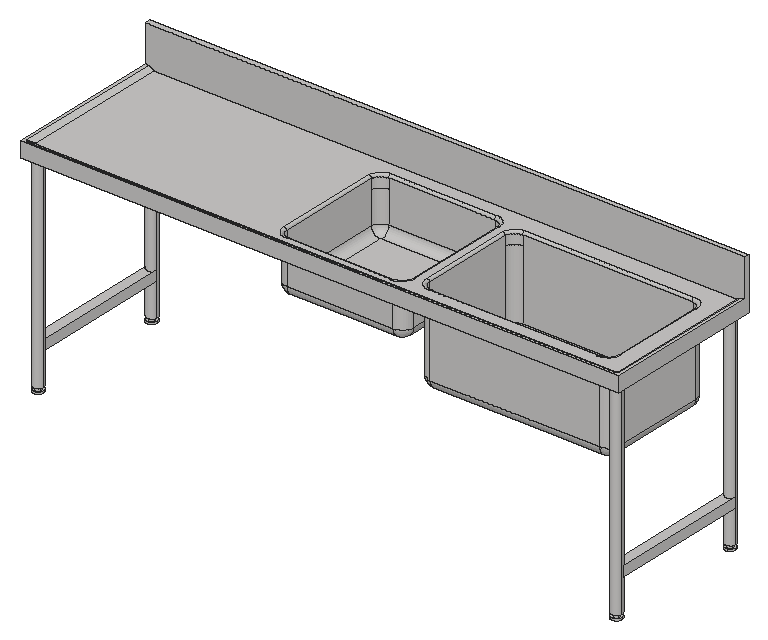
Revit family
Parameters (values of type "2400 X 650 Bowl Right End")
  Waste Outlet Distance = 335 mm
  Material = Stainless Steel Grade 304
  Depth of Catering Bowl = 230 mm
  Width of Catering Bowl = 505 mm
  Length of Catering Bowl = 505 mm
  Depth of Pot Bowl = 380 mm
  Width of Pot Bowl = 460 mm
  Length of Pot Bowl = 760 mm
  Distance of Bowl = 100 mm
  Waste Connection Radius = Waste Connection Diameter / 2  # 20 mm
  Waste Connection Diameter = 40 mm
  WFU = 0
  URL = "http://www.autospec.co.za/browse.php?id=1644179283"
  Product Code = "None"
  OmniClass Title = ""
  OmniClass Number = ""
  Modspec Classification = ""
  Specification = ""
  Location (revit room) = ""
  Bowl Position [instance] = if(Bowl Position End, Distance of Bowl, if(Bowl Position Center, (Length / 2 - (Length of Catering Bowl + Length of Pot Bowl) / 2 - 25 mm), Distance of Bowl))  # 100 mm
  Description = ""
  Colour = none
  Bowl Position End = yes
  Bowl Position Center = not(Bowl Position End)  # no
  Body Finish = none
  Bed Height = 210 mm
  Splashback Height = 150 mm
  Width = 650 mm
  Model = "Combination Catering And Pot Sink Bowl Right End Series KP1/KS1-2400 X 650"
  Manufacturer = "Kwikot"  # constant formula
  Length = 2400 mm
  Height = 1050 mm
  Assembly Code = "E1090300"
Reference planes
  plane 1 "Center (Front/Back)": y = 0
  plane 2 "Bottom": z = 0
  plane 3 "Center (Left/Right)": x = 0
  plane 4 "Left": x = -1200
  plane 5 "Right": x = 1200
  plane 6 "Front": y = -650
  plane 7 "Top": z = 1050
  plane 8: z = 900
  plane 9: z = 840
  plane 10: z = 520
  plane 11: y = -335
  plane 12: x = 460.5
  plane 13: x = 37.5
  plane 14: x = 1100
  plane 15: x = 290
  plane 16: x = -215
  plane 17: x = 340
  plane 18: y = -105
  plane 19: y = -565
  plane 20: z = 670
  plane 21: y = -82.5
  plane 22: y = -587.5
Forms (mm)
  Extrusion 1, solid, material "Stainless Steel Grade 304" <- "Material"
    sketch origin (-1200, -491, 4000) x (0, -1, 0) y (0, 0, 1)
      loop
        line (-491, -3160) -> (159, -3160) -> (159, -3100) -> (-471, -3100) -> (-471, -2950) -> (-491, -2950) -> (-491, -3160)
    from 0 to -2400
  Blend 2, void
    base sketch origin (-779.234, -1524, 900) x (0, -1, 0) y (1, 0, 0)
      loop
        arc (-891, -408.766) -> (-887.464, -407.302) -> (-886, -403.766) r 5
        line (-886, -403.766) -> (-886, 1962.234)
        arc (-886, 1962.234) -> (-887.464, 1965.769) -> (-891, 1967.234) r 5
        line (-891, 1967.234) -> (-1504, 1967.234) -> (-1504, -408.766) -> (-891, -408.766)
    top sketch origin (-779.234, -1524, 900) x (0, -1, 0) y (1, 0, 0)
      loop
        line (-1504, -388.766) -> (-911, -388.766)
        arc (-911, -388.766) -> (-907.464, -387.302) -> (-906, -383.766) r 5
        line (-906, -383.766) -> (-906, 1942.234)
        arc (-906, 1942.234) -> (-907.464, 1945.769) -> (-911, 1947.234) r 5
        line (-911, 1947.234) -> (-1504, 1947.234) -> (-1504, -388.766)
    from 0 to -12
  Extrusion 3, void
    sketch origin (-779.234, -1524, 840) x (0, -1, 0) y (-1, 0, 0)
      loop
        line (-1419, -1159.234) -> (-1419, -1839.234)
        arc (-1419, -1839.234) -> (-1407.284, -1867.518) -> (-1379, -1879.234) r 40
        line (-1379, -1879.234) -> (-999, -1879.234)
        arc (-999, -1879.234) -> (-970.716, -1867.518) -> (-959, -1839.234) r 40
        line (-959, -1839.234) -> (-959, -1159.234)
        arc (-959, -1159.234) -> (-970.716, -1130.949) -> (-999, -1119.234) r 40
        line (-999, -1119.234) -> (-1379, -1119.234)
        arc (-1379, -1119.234) -> (-1407.284, -1130.949) -> (-1419, -1159.234) r 40
      loop
        arc (-1441.5, -1029.234) -> (-1429.784, -1057.518) -> (-1401.5, -1069.234) r 40
        line (-1401.5, -1069.234) -> (-976.5, -1069.234)
        arc (-976.5, -1069.234) -> (-948.216, -1057.518) -> (-936.5, -1029.234) r 40
        line (-936.5, -1029.234) -> (-936.5, -604.234)
        arc (-936.5, -604.234) -> (-948.216, -575.949) -> (-976.5, -564.234) r 40
        line (-976.5, -564.234) -> (-1401.5, -564.234)
        arc (-1401.5, -564.234) -> (-1429.784, -575.949) -> (-1441.5, -604.234) r 40
        line (-1441.5, -604.234) -> (-1441.5, -1029.234)
    from 0 to -60
  Sweep 4, solid, material "Stainless Steel Grade 304" <- "Material"
    path origin (-779.234, -1524, 900) x (-1, 0, 0) y (0, -1, 0)
      loop
        line (-1119.234, -1379) -> (-1119.234, -999)
        arc (-1119.234, -999) -> (-1130.949, -970.716) -> (-1159.234, -959) r 40
        line (-1159.234, -959) -> (-1839.234, -959)
        arc (-1839.234, -959) -> (-1867.518, -970.716) -> (-1879.234, -999) r 40
        line (-1879.234, -999) -> (-1879.234, -1379)
        arc (-1879.234, -1379) -> (-1867.518, -1407.284) -> (-1839.234, -1419) r 40
        line (-1839.234, -1419) -> (-1159.234, -1419)
        arc (-1159.234, -1419) -> (-1130.949, -1407.284) -> (-1119.234, -1379) r 40
    profile origin (340, -335, 900) x (1, 0, 0) y (0, 0, 1)
      loop
        line (0, -12) -> (-5, -12) -> (-5, -340)
        arc (-5, -340) -> (6.716, -368.284) -> (35, -380) r 40
        line (35, -380) -> (35, -375)
        arc (35, -375) -> (10.251, -364.749) -> (0, -340) r 35
        line (0, -340) -> (0, -12)
  Sweep 5, solid, material "Stainless Steel Grade 304" <- "Material"
    path origin (-779.234, -1524, 900) x (-1, 0, 0) y (0, -1, 0)
      loop
        line (-564.234, -1401.5) -> (-564.234, -976.5)
        arc (-564.234, -976.5) -> (-575.949, -948.216) -> (-604.234, -936.5) r 40
        line (-604.234, -936.5) -> (-1029.234, -936.5)
        arc (-1029.234, -936.5) -> (-1057.518, -948.216) -> (-1069.234, -976.5) r 40
        line (-1069.234, -976.5) -> (-1069.234, -1401.5)
        arc (-1069.234, -1401.5) -> (-1057.518, -1429.784) -> (-1029.234, -1441.5) r 40
        line (-1029.234, -1441.5) -> (-604.234, -1441.5)
        arc (-604.234, -1441.5) -> (-575.949, -1429.784) -> (-564.234, -1401.5) r 40
    profile origin (-215, -335, 900) x (1, 0, 0) y (0, 0, 1)
      loop
        line (0, -12) -> (-5, -12) -> (-5, -190)
        arc (-5, -190) -> (6.716, -218.284) -> (35, -230) r 40
        line (35, -230) -> (35, -225)
        arc (35, -225) -> (10.251, -214.749) -> (0, -190) r 35
        line (0, -190) -> (0, -12)
  Extrusion 6, solid, material "Stainless Steel Grade 304" <- "Material"
    sketch origin (-1108.106, -1524, 670) x (-1, 0, 0) y (0, -1, 0)
      loop
        circle (-1145.606, -1189) r 26
      loop
        arc (-928.106, -976.5) -> (-929.57, -972.964) -> (-933.106, -971.5) r 5
        line (-933.106, -971.5) -> (-1358.106, -971.5)
        arc (-1358.106, -971.5) -> (-1361.641, -972.964) -> (-1363.106, -976.5) r 5
        line (-1363.106, -976.5) -> (-1363.106, -1401.5)
        arc (-1363.106, -1401.5) -> (-1361.641, -1405.036) -> (-1358.106, -1406.5) r 5
        line (-1358.106, -1406.5) -> (-933.106, -1406.5)
        arc (-933.106, -1406.5) -> (-929.57, -1405.036) -> (-928.106, -1401.5) r 5
        line (-928.106, -1401.5) -> (-928.106, -976.5)
    from 0 to 5
  Extrusion 7, solid, material "Stainless Steel Grade 304" <- "Material"
    sketch origin (-779.234, -1524, 520) x (-1, 0, 0) y (0, -1, 0)
      loop
        arc (-1154.234, -999) -> (-1155.698, -995.464) -> (-1159.234, -994) r 5
        line (-1159.234, -994) -> (-1839.234, -994)
        arc (-1839.234, -994) -> (-1842.769, -995.464) -> (-1844.234, -999) r 5
        line (-1844.234, -999) -> (-1844.234, -1379)
        arc (-1844.234, -1379) -> (-1842.769, -1382.536) -> (-1839.234, -1384) r 5
        line (-1839.234, -1384) -> (-1159.234, -1384)
        arc (-1159.234, -1384) -> (-1155.698, -1382.536) -> (-1154.234, -1379) r 5
        line (-1154.234, -1379) -> (-1154.234, -999)
      loop
        circle (-1239.734, -1189) r 26
    from 0 to 5
  Blend 8, solid, material "Stainless Steel Grade 304" <- "Material"
    base sketch origin (-1108.106, -1524, 670) x (-1, 0, 0) y (0, -1, 0)
      loop
        circle (-1145.606, -1189) r 26
    top sketch origin (-1108.106, -1524, 670) x (-1, 0, 0) y (0, -1, 0)
      loop
        circle (-1145.606, -1189) r 20
    from 0 to -5
  Blend 9, solid, material "Stainless Steel Grade 304" <- "Material"
    base sketch origin (-779.234, -1524, 520) x (-1, 0, 0) y (0, -1, 0)
      loop
        circle (-1239.734, -1189) r 26
    top sketch origin (-779.234, -1524, 520) x (-1, 0, 0) y (0, -1, 0)
      loop
        circle (-1239.734, -1189) r 20
    from 0 to -5
  Sweep 10, void
    path origin (-779.234, -1524, 900) x (-1, 0, 0) y (0, -1, 0)
      loop
        line (-564.234, -1401.5) -> (-564.234, -976.5)
        arc (-564.234, -976.5) -> (-575.949, -948.216) -> (-604.234, -936.5) r 40
        line (-604.234, -936.5) -> (-1029.234, -936.5)
        arc (-1029.234, -936.5) -> (-1057.518, -948.216) -> (-1069.234, -976.5) r 40
        line (-1069.234, -976.5) -> (-1069.234, -1401.5)
        arc (-1069.234, -1401.5) -> (-1057.518, -1429.784) -> (-1029.234, -1441.5) r 40
        line (-1029.234, -1441.5) -> (-604.234, -1441.5)
        arc (-604.234, -1441.5) -> (-575.949, -1429.784) -> (-564.234, -1401.5) r 40
    profile origin (-215, -335, 900) x (1, 0, 0) y (0, 0, 1)
      loop
        line (0, -12) -> (-10, -12)
        arc (-10, -12) -> (-2.929, -14.929) -> (0, -22) r 10
        line (0, -22) -> (0, -12)
  Sweep 11, void
    path origin (-779.234, -1524, 900) x (-1, 0, 0) y (0, -1, 0)
      loop
        line (-1119.234, -1379) -> (-1119.234, -999)
        arc (-1119.234, -999) -> (-1130.949, -970.716) -> (-1159.234, -959) r 40
        line (-1159.234, -959) -> (-1839.234, -959)
        arc (-1839.234, -959) -> (-1867.518, -970.716) -> (-1879.234, -999) r 40
        line (-1879.234, -999) -> (-1879.234, -1379)
        arc (-1879.234, -1379) -> (-1867.518, -1407.284) -> (-1839.234, -1419) r 40
        line (-1839.234, -1419) -> (-1159.234, -1419)
        arc (-1159.234, -1419) -> (-1130.949, -1407.284) -> (-1119.234, -1379) r 40
    profile origin (340, -335, 900) x (1, 0, 0) y (0, 0, 1)
      loop
        line (0, -12) -> (-10, -12)
        arc (-10, -12) -> (-2.929, -14.929) -> (0, -22) r 10
        line (0, -22) -> (0, -12)
  Extrusion 12, solid, material "Stainless Steel Grade 304" <- "Material"
    sketch origin (0, 0, 0) x (1, 0, 0) y (0, 1, 0)
      loop
        circle (-1160, -610) r 21
      loop
        circle (-1160, -40) r 21
      loop
        circle (1160, -610) r 21
      loop
        circle (1160, -40) r 21
    from 0 to 5
  Extrusion 13, solid, material "Stainless Steel Grade 304" <- "Material"
    sketch origin (0, 0, 0) x (1, 0, 0) y (0, 1, 0)
      loop
        circle (-1160, -40) r 10
      loop
        circle (-1160, -610) r 10
      loop
        circle (1160, -40) r 10
      loop
        circle (1160, -610) r 10
    from 5 to 20
  Extrusion 14, solid, material "Stainless Steel Grade 304" <- "Material"
    sketch origin (-779.234, -1524, 840) x (-1, 0, 0) y (0, -1, 0)
      loop
        circle (380.766, -914) r 21
      loop
        circle (380.766, -1484) r 21
      loop
        circle (-1939.234, -1484) r 21
      loop
        circle (-1939.234, -914) r 21
    from 0 to -820
  Extrusion 15, solid, material "Stainless Steel Grade 304" <- "Material"
    sketch origin (0, 0, 0) x (1, 0, 0) y (0, 1, 0)
      loop
        line (-1181, -40) -> (-1181, -610)
        arc (-1181, -610) -> (-1160, -589) -> (-1139, -610) r 21
        line (-1139, -610) -> (-1139, -40)
        arc (-1139, -40) -> (-1160, -61) -> (-1181, -40) r 21
      loop
        line (1139, -40) -> (1139, -610)
        arc (1139, -610) -> (1160, -589) -> (1181, -610) r 21
        line (1181, -610) -> (1181, -40)
        arc (1181, -40) -> (1160, -61) -> (1139, -40) r 21
    from 150 to 190
Cuts and joins
  Blend 2, Extrusion 3, Sweep 10, Sweep 11 cuts Extrusion 1
  Sweep 10, Sweep 11 cuts Sweep 4
  Sweep 10, Sweep 11 cuts Sweep 5
  Sweep 10, Sweep 11 cuts Extrusion 6
  Sweep 10, Sweep 11 cuts Extrusion 7
  joined: Extrusion 1, Sweep 4, Sweep 5, Extrusion 6, Extrusion 7, Blend 8, Blend 9
Lines and regions (mm)
  symbolic lines
    curve 1: line (-1200, 0, 750) -> (-1200, -650, 750)
    curve 2: line (1200, 0, 750) -> (-1200, 0, 750)
    curve 3: line (1200, -650, 750) -> (1200, 0, 750)
    curve 4: line (-1200, -650, 750) -> (1200, -650, 750)
    curve 5: line (-1200, -20, 750) -> (1200, -20, 750)
    curve 6: line (-1188, -633, 1050) -> (-1188, -20, 1050)
    curve 7: arc (-1183, -638, 1050) -> (-1186.536, -636.536, 1050) -> (-1188, -633, 1050) r 5
    curve 8: line (1183, -638, 1050) -> (-1183, -638, 1050)
    curve 9: line (-1168, -20, 1050) -> (-1168, -613, 1050)
    curve 10: arc (-1168, -613, 1050) -> (-1166.536, -616.536, 1050) -> (-1163, -618, 1050) r 5
    curve 11: line (-1163, -618, 1050) -> (1163, -618, 1050)
    curve 12: arc (1163, -618, 1050) -> (1166.536, -616.536, 1050) -> (1168, -613, 1050) r 5
    curve 13: line (1168, -613, 1050) -> (1168, -20, 1050)
    curve 14: arc (1188, -633, 1050) -> (1186.536, -636.536, 1050) -> (1183, -638, 1050) r 5
    curve 15: line (1188, -20, 1050) -> (1188, -633, 1050)
    curve 16: line (1060, -565, 1050) -> (380, -565, 1050)
    curve 17: arc (380, -565, 1050) -> (351.716, -553.284, 1050) -> (340, -525, 1050) r 40
    curve 18: line (340, -525, 1050) -> (340, -145, 1050)
    curve 19: arc (340, -145, 1050) -> (351.716, -116.716, 1050) -> (380, -105, 1050) r 40
    curve 20: line (380, -105, 1050) -> (1060, -105, 1050)
    curve 21: arc (1060, -105, 1050) -> (1088.284, -116.716, 1050) -> (1100, -145, 1050) r 40
    curve 22: line (1100, -145, 1050) -> (1100, -525, 1050)
    curve 23: arc (1100, -525, 1050) -> (1088.284, -553.284, 1050) -> (1060, -565, 1050) r 40
    curve 24: line (-215, -122.5, 1050) -> (-215, -547.5, 1050)
    curve 25: arc (-215, -122.5, 1050) -> (-203.284, -94.216, 1050) -> (-175, -82.5, 1050) r 40
    curve 26: line (250, -82.5, 1050) -> (-175, -82.5, 1050)
    curve 27: arc (250, -82.5, 1050) -> (278.284, -94.216, 1050) -> (290, -122.5, 1050) r 40
    curve 28: line (290, -547.5, 1050) -> (290, -122.5, 1050)
    curve 31: arc (290, -547.5, 1050) -> (278.284, -575.784, 1050) -> (250, -587.5, 1050) r 40
    curve 32: line (-175, -587.5, 1050) -> (250, -587.5, 1050)
    curve 33: arc (-175, -587.5, 1050) -> (-203.284, -575.784, 1050) -> (-215, -547.5, 1050) r 40
  symbolic lines, detail levels fine
    curve 29: arc (11.5, -335, 1050) -> (37.5, -309, 1050) -> (63.5, -335, 1050) r 26
    curve 30: arc (63.5, -335, 1050) -> (37.5, -361, 1050) -> (11.5, -335, 1050) r 26
    curve 34: arc (486.5, -335, 1050) -> (460.5, -361, 1050) -> (434.5, -335, 1050) r 26
    curve 35: arc (434.5, -335, 1050) -> (460.5, -309, 1050) -> (486.5, -335, 1050) r 26
Dimensions and locks
  equal spacing: plane 4 "Left", plane 3 "Center (Left/Right)", plane 5 "Right"
  "Length": plane 4 "Left" to plane 5 "Right"
  "Width": plane 1 "Center (Front/Back)" to plane 6 "Front"
  "Height": plane 7 "Top" to level
  "Splashback Height": plane 7 "Top" to plane 8
  Blend 2 sketch curve to plane 6 "Front" = 12 mm
  "Bed Height": plane 7 "Top" to plane 9
  "Waste Outlet Distance": plane 11 to plane 1 "Center (Front/Back)"
  Blend 2 sketch curve to var sketch = 20 mm  (x2)
  var sketch to Blend 2 sketch curve = 20 mm
  "Width of Pot Bowl": plane 18 to plane 19
  "Length of Catering Bowl": plane 16 to plane 15
  "Length of Pot Bowl": plane 17 to plane 14
  "Depth of Pot Bowl": plane 8 to plane 10
  "Depth of Catering Bowl": plane 8 to plane 20
  "Width of Catering Bowl": plane 21 to plane 22
  plane 4 "Left" to Extrusion 12 sketch curve = 40 mm  (x2)
  Extrusion 12 sketch curve to plane 6 "Front" = 40 mm  (x2)
  Extrusion 12 sketch curve to plane 1 "Center (Front/Back)" = 40 mm  (x2)
  Extrusion 12 sketch curve to plane 5 "Right" = 40 mm  (x2)
  Extrusion 15 to plane 2 "Bottom" = 150 mm
  "Bowl Position": plane 14 to plane 5 "Right"
  plane 15 to plane 17 = 50 mm
  plane 13 to plane 12 = 423 mm
  plane 11 to plane 1 "Center (Front/Back)" = 335 mm
  equal spacing: plane 16, plane 13, plane 15
  equal spacing: plane 21, plane 11, plane 22
  equal spacing: plane 18, plane 11, plane 19
  radius of Extrusion 3 sketch curve = 40 mm  (x8)
  radius of Extrusion 7 sketch curve = 26 mm
  "Waste Connection Radius": radius of Blend 8 sketch curve
  "Waste Connection Radius": radius of Blend 9 sketch curve
  radius of Extrusion 12 sketch curve = 21 mm  (x4)
  aligned and locked: level to plane 2 "Bottom"
  aligned and locked: Extrusion 1 sketch curve to plane 9
  aligned and locked: Extrusion 1 sketch curve to plane 1 "Center (Front/Back)"
  aligned and locked: plane 8 to Extrusion 1 sketch curve
  aligned and locked: Extrusion 1 sketch curve to plane 6 "Front"
  aligned and locked: plane 7 "Top" to Extrusion 1 sketch curve
  aligned and locked: plane 4 "Left" to Extrusion 1
  aligned and locked: Extrusion 1 to plane 5 "Right"
  aligned and locked: var sketch to Blend 2 sketch curve
  aligned and locked: Extrusion 3 to plane 8
  aligned and locked: Extrusion 3 to plane 9
  aligned and locked: Sweep 4 sketch curve to cut or joined group 1 (Extrusion 1, Blend 2, Extrusion 3, Sweep 4, Sweep 5, Extrusion 6, Extrusion 7, Blend 8, Blend 9, Sweep 10, Sweep 11)  (x6)
  aligned and locked: curve 7 to cut or joined group 1
  aligned and locked: curve 9 to cut or joined group 1
  aligned and locked: curve 10 to cut or joined group 1
  aligned and locked: curve 12 to cut or joined group 1
  aligned and locked: curve 14 to cut or joined group 1
  aligned and locked: curve 15 to cut or joined group 1
  aligned and locked: curve 17 to cut or joined group 1
  aligned and locked: curve 19 to cut or joined group 1
  aligned and locked: curve 21 to cut or joined group 1
  aligned and locked: curve 23 to cut or joined group 1
  aligned and locked: Sweep 5 sketch curve to cut or joined group 1  (x6)
  aligned and locked: plane 11 to Extrusion 6 sketch curve
  aligned and locked: plane 13 to Extrusion 6 sketch curve
  aligned and locked: Extrusion 7 sketch curve to cut or joined group 1  (x4)
  aligned and locked: plane 11 to Extrusion 7 sketch curve
  aligned and locked: plane 12 to Extrusion 7 sketch curve
  aligned and locked: curve 25 to cut or joined group 1
  aligned and locked: curve 27 to cut or joined group 1
  aligned and locked: curve 29 to cut or joined group 1
  aligned and locked: curve 30 to cut or joined group 1
  aligned and locked: curve 31 to cut or joined group 1
  aligned and locked: curve 33 to cut or joined group 1
  aligned and locked: curve 34 to cut or joined group 1
  aligned and locked: curve 35 to cut or joined group 1
  aligned and locked: Blend 8 sketch curve to cut or joined group 1  (x2)
  aligned and locked: plane 11 to Blend 8 sketch curve
  aligned and locked: plane 13 to Blend 8 sketch curve
  aligned and locked: Blend 9 sketch curve to cut or joined group 1  (x2)
  aligned and locked: plane 11 to Blend 9 sketch curve
  aligned and locked: plane 12 to Blend 9 sketch curve
  aligned and locked: plane 10 to Sweep 4 sketch curve
  aligned and locked: Extrusion 3 sketch curve to plane 18
  aligned and locked: plane 19 to Extrusion 3 sketch curve
  aligned and locked: plane 16 to Extrusion 3 sketch curve
  aligned and locked: plane 15 to Extrusion 3 sketch curve
  aligned and locked: plane 17 to Extrusion 3 sketch curve
  aligned and locked: plane 14 to Extrusion 3 sketch curve
  aligned and locked: plane 20 to Sweep 5 sketch curve
  aligned and locked: Extrusion 6 sketch curve to Sweep 5  (x4)
  aligned and locked: plane 21 to Extrusion 3 sketch curve
  aligned and locked: Extrusion 3 sketch curve to plane 22
  aligned and locked: Sweep 10 sketch curve to cut or joined group 1  (x4)
  aligned and locked: profile plane to Sweep 10 sketch curve
  aligned and locked: cut or joined group 1 to Sweep 10 sketch curve
  aligned and locked: Sweep 11 sketch curve to cut or joined group 1  (x4)
  aligned and locked: profile plane to Sweep 11 sketch curve
  aligned and locked: cut or joined group 1 to Sweep 11 sketch curve
  aligned and locked: Extrusion 14 sketch curve to Extrusion 12  (x8)
  aligned and locked: Extrusion 14 to Extrusion 13
  aligned and locked: Extrusion 15 sketch curve to Extrusion 14  (x4)
Automatic sketch dimensions
  plane 1 "Center (Front/Back)" to Extrusion 1 sketch curve = 20 mm
  Blend 2 sketch curve to Blend 2 sketch curve = 5 mm  (x4)
  plane 1 "Center (Front/Back)" to Blend 2 sketch curve = 20 mm
  Blend 2 sketch curve to plane 4 "Left" = 12 mm
  plane 5 "Right" to Blend 2 sketch curve = 17 mm
  plane 1 "Center (Front/Back)" to curve 3 = 0 mm
  curve 3 to plane 5 "Right" = 0 mm
  curve 4 to plane 4 "Left" = 0 mm
  curve 4 to plane 6 "Front" = 0 mm
  curve 1 to curve 5 = 20 mm
  plane 1 "Center (Front/Back)" to curve 15 = 20 mm
  plane 1 "Center (Front/Back)" to curve 9 = 20 mm
  plane 1 "Center (Front/Back)" to curve 13 = 20 mm
  curve 6 to curve 9 = 0 mm
  profile plane to Sweep 5 sketch curve = 5 mm
  Sweep 5 sketch curve to profile plane = 35 mm
  Sweep 4 sketch curve to Sweep 4 sketch curve = 0 mm
  profile plane to Sweep 4 sketch curve = 5 mm
  Sweep 4 sketch curve to Sweep 4 sketch curve = 35 mm
  Sweep 5 sketch curve to Sweep 5 sketch curve = 0 mm
  Sweep 10 sketch curve to Sweep 10 sketch curve = 10 mm  (x2)
  Sweep 10 sketch curve to Sweep 10 sketch curve = 0 mm  (x2)
  profile plane to Sweep 10 sketch curve = 0 mm
  profile plane to Sweep 11 sketch curve = 10 mm
  Sweep 11 sketch curve to Sweep 11 sketch curve = 10 mm  (x2)
  Sweep 11 sketch curve to Sweep 11 sketch curve = 0 mm
  profile plane to Sweep 11 sketch curve = 0 mm
  Extrusion 13 sketch curve to plane 4 "Left" = 30 mm  (x2)
  Extrusion 13 sketch curve to Extrusion 13 sketch curve = 10 mm  (x4)
  plane 5 "Right" to Extrusion 13 sketch curve = 50 mm  (x2)
  plane 21 to Extrusion 13 sketch curve = 42.5 mm  (x2)
  Extrusion 13 sketch curve to plane 22 = 22.5 mm  (x2)
  radius of Extrusion 6 sketch curve = 26 mm
Connectors
  piping at (37.5, -335, 665), driven by "Waste Connection Radius", driven by "WFU"
    settings: on Blend 8, index 1, connector radius 20 mm, flow factor 0, pipe flow 0.0 L/s, pressure drop 0.0 Pa, fitting loss kfactor 0, connector angle 0.00°, fixture units 0, flow configuration 3, flow direction 2, fitting loss method 0, system type 16, connector reference index -1, connector utility 0, adjustable connector no, is connector primary yes, fitting loss table "", connector description "Waste Connection"
  piping at (460.5, -335, 515), driven by "Waste Connection Radius", driven by "WFU"
    settings: on Blend 9, index 2, connector radius 20 mm, flow factor 0, pipe flow 0.0 L/s, pressure drop 0.0 Pa, fitting loss kfactor 0, connector angle 0.00°, fixture units 0, flow configuration 3, flow direction 2, fitting loss method 0, system type 16, connector reference index -1, connector utility 0, adjustable connector no, is connector primary no, fitting loss table "", connector description "Waste Connection"
